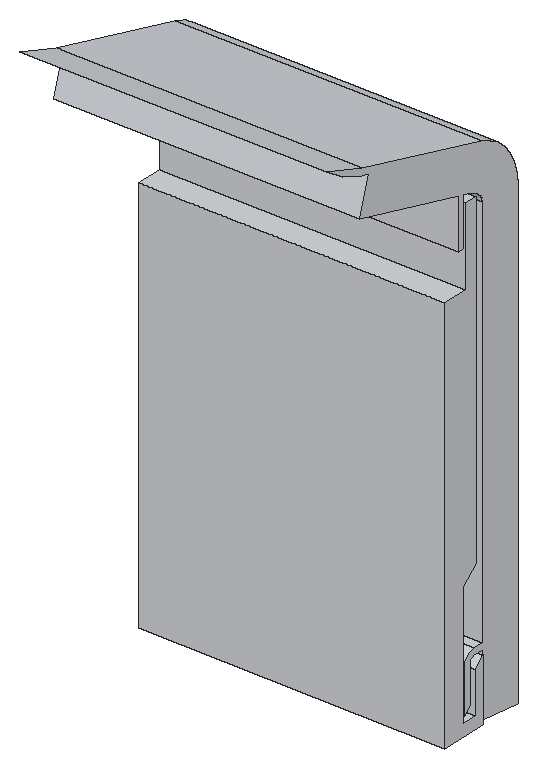
Revit family "HansWeitzel_2078", category Allgemeines Modell, Revit 2017
Family settings
  Basisbauteil = Wand
  Kann Basisbauteil für Bewehrung sein = Nein
  Bemaßung runder Anschluss = Durchmesser verwenden
  Teiletyp = Normal
  Immer vertikal = Ja
  Beim Laden mit Abzugskörper schneiden = Nein
  Gemeinsam genutzt = Nein
  Raumberechnungspunkt = Nein
Parameters (values of type "Type 1")
  max. Betriebstemperatur (°C) = 90
  Werkstoff = "Acryl"
  Wandmontage möglich = yes
  Typname = "HZ-Stoßverbinder SLF Eiche dunkel"
  Tiefe (mm) = 30
  Profilart = "Anschlussprofi"
  Menge pro Verpackungseinheit = 10
  Length3 = 50 mm
  Length2 = 50 mm
  Length1 = 50 mm
  Ist Zubehör = no
  Ist System = no
  Höhe [mm] = 97
  Hersteller = "Hans Weitzel GmbH & Co. KG"
  HeinzeBIM = "https://www.heinze.de/bim/hz-stossverbinder-slf-eiche-dunkel/3a9168788a2a900fa786c5130d81ffc829ee2c26"
  HAN = "2078"
  Gewicht unverpackt (netto) [kg] = 0.008
  GTIN = "4022023220414"
  Farbton = "Holzart/Holzdekor"
  Dekor = "Eiche dunkel"
  Breite [mm] = 45
  Beschreibung = "HZ-Stoßverbinder SLF Eiche dunkel für HZ-Sockelleiste SLF nur mit SCH2158"
  BIMSITE_PRODUCT_ID = "3a9168788a2a900fa786c5130d81ffc829ee2c26"
  BIM = "https://media.live.bim.site/t/eyJhbGciOiJIUzI1NiIsInR5cCI6IkpXVCJ9.eyJjdCI6MSwidGYiOiJwdWJsaWMvaGFucy13ZWl0emVsLWdtYmgtY28ta2cvMjI1MGEyZS9IWl9TTEZfU3Rvc3N2ZXJiaW5kZXIucmZhIiwiY2lkIjoiZmVkOThlOWEtMWJkOC00YzY4LWE3M2ItNzRhOTRlMzE1ODIzIiwicmlkIjoiOTJmYTA1YWNlNzVkMjNhYzY1MzAwY2Y1OWIzNzMwYjciLCJwaWQiOiIzYTkxNjg3ODhhMmE5MDBmYTc4NmM1MTMwZDgxZmZjODI5ZWUyYzI2Iiwic2lkIjoiNjM1NTgiLCJ1dCI6NSwibGMiOiJkZSIsImlhdCI6MTU4MDEyMzEwMSwiaXNzIjoiaHR0cHM6Ly9hcGkubGl2ZS5iaW0uc2l0ZSIsInN1YiI6ImY1ODZjNGI2LWE1MDgtNDI3YS05ODE4LTEzMTc5NjY1NzZiYyJ9.0hxQmDv_MX3zRXu-UiNBT9yPjcphwc5s7rTXWsPoiTA/HZ_SLF_Stossverbinder.rfa"
Reference planes
  plane 1 "Wall": y = 0
  plane 2 "Center (Left/Right)": x = 125
  plane 3 "Back": y = 75
Text (mm)
  text "Placement side" at (0, 1409.804, 2854.306), in view "Left"
  text "Placement side" at (0, 499.811, 2980.732), in view "Right"
Dimensions and locks
  locked: plane 3 "Back" to host wall
  aligned and locked: plane 1 "Wall" to host wall
  aligned and locked: nested 1 to plane 3 "Back"
  aligned and locked: nested 2 to plane 3 "Back"
  aligned and locked: nested 2 to plane 2 "Center (Left/Right)"
  aligned and locked: nested 1 to plane 2 "Center (Left/Right)"
Nested families
  nested 1: "HZ_SLF_Part2" at (125, 75, 0) x (-1, 0, 0) z (0, 0, 1), type "HZ_SLF_Part2"
    with Length2 50 mm
  nested 2: "HZ_SLF_Profil" at (125, 75, 0) x (-1, 0, 0) z (0, 0, 1), type "HZ_SLF_Profil"
Definition of nested family "HZ_SLF_Part2"
  Parameters
    Length2 = 400 mm
  Reference planes
    plane 1 "Center (Front/Back)": y = 0
    plane 2: z = 0
    plane 3 "Center (Left/Right)": x = 0
    plane 4: z = 78
  Forms (mm)
    Extrusion 1, solid, detail levels fine
      sketch origin (0, 0, 0) x (0, 1, 0) y (0, 0, 1)
        loop
          line (-28, 65.25) -> (-28, 78) -> (-30, 78) -> (-30, 24.25) -> (-27.5, 22) -> (-27.5, 2) -> (-30, 2) -> (-30, 8.75) -> (-31.5, 10.25) -> (-31.5, 0) -> (-23.75, 0) -> (-23.75, 65.25) -> (-28, 65.25)
      from -200 to 200
    Extrusion 2, solid, detail levels medium
      sketch origin (0, 0, 0) x (0, 1, 0) y (0, 0, 1)
        loop
          line (-28, 65.25) -> (-28, 78) -> (-30, 78) -> (-30, 22) -> (-27.5, 22) -> (-27.5, 2) -> (-30, 2) -> (-30, 8.75) -> (-31.5, 8.75) -> (-31.5, 0) -> (-23.75, 0) -> (-23.75, 65.25) -> (-28, 65.25)
      from -200 to 200
    Extrusion 3, solid, detail levels coarse
      sketch origin (0, 0, 0) x (0, 1, 0) y (0, 0, 1)
        loop
          line (-31.5, 78) -> (-31.5, 0) -> (-23.75, 0) -> (-23.75, 78) -> (-31.5, 78)
      from -200 to 200
  Dimensions and locks
    equal spacing: Extrusion 1, plane 3 "Center (Left/Right)", Extrusion 1
    "Length2": Extrusion 1 to Extrusion 1
    aligned and locked: level to plane 2
    aligned and locked: Extrusion 3 to Extrusion 1  (x2)
    aligned and locked: Extrusion 2 to Extrusion 3  (x2)
  Automatic sketch dimensions
    Extrusion 1 sketch curve to level = 0 mm
    level to Extrusion 1 sketch curve = 10.25 mm
    plane 1 "Center (Front/Back)" to Extrusion 1 sketch curve = 31.5 mm
    Extrusion 1 sketch curve to Extrusion 1 sketch curve = 1.5 mm  (x2)
    level to Extrusion 1 sketch curve = 8.75 mm
    Extrusion 1 sketch curve to Extrusion 1 sketch curve = 2 mm
    Extrusion 1 sketch curve to Extrusion 1 sketch curve = 2.5 mm
    Extrusion 1 sketch curve to Extrusion 1 sketch curve = 4.25 mm
    level to Extrusion 1 sketch curve = 2 mm
    Extrusion 1 sketch curve to Extrusion 1 sketch curve = 11.75 mm
    Extrusion 1 sketch curve to Extrusion 1 sketch curve = 2.25 mm
    Extrusion 1 sketch curve to Extrusion 1 sketch curve = 41 mm
    Extrusion 1 sketch curve to Extrusion 1 sketch curve = 12.75 mm
    Extrusion 2 sketch curve to level = 0 mm
    plane 1 "Center (Front/Back)" to Extrusion 2 sketch curve = 31.5 mm
    Extrusion 2 sketch curve to Extrusion 2 sketch curve = 1.5 mm
    Extrusion 2 sketch curve to Extrusion 2 sketch curve = 2 mm
    Extrusion 2 sketch curve to Extrusion 2 sketch curve = 4.25 mm
    level to Extrusion 2 sketch curve = 2 mm
    Extrusion 2 sketch curve to Extrusion 2 sketch curve = 12.75 mm
    Extrusion 2 sketch curve to Extrusion 2 sketch curve = 2.5 mm
    Extrusion 2 sketch curve to Extrusion 2 sketch curve = 43.25 mm
    Extrusion 2 sketch curve to Extrusion 2 sketch curve = 0 mm
    Extrusion 2 sketch curve to Extrusion 2 sketch curve = 6.75 mm
    Extrusion 2 sketch curve to Extrusion 2 sketch curve = 13.25 mm
    Extrusion 3 sketch curve to level = 0 mm
    Extrusion 3 sketch curve to Extrusion 3 sketch curve = 7.75 mm
    plane 1 "Center (Front/Back)" to Extrusion 3 sketch curve = 31.5 mm
    level to Extrusion 3 sketch curve = 78 mm
Definition of nested family "HZ_SLF_Profil"
  Parameters
    Length3 = 50 mm
  Reference planes
    plane 1 "Center (Front/Back)": y = 0
    plane 2: z = 0
    plane 3 "Center (Left/Right)": x = 0
    plane 4: z = 95
  Forms (mm)
    Extrusion 1, solid, detail levels fine
      sketch origin (0, 0, 0) x (0, 1, 0) y (0, 0, 1)
        loop
          line (-38.561, 76.002) -> (-38.561, 0) -> (-31.5, 0.791) -> (-31.5, 11) -> (-29.75, 11)
          arc (-29.75, 11) -> (-29.043, 10.707) -> (-28.75, 10) r 1
          line (-28.75, 10) -> (-28.75, 4) -> (-27.75, 3) -> (-27.75, 10)
          arc (-27.75, 10) -> (-28.336, 11.414) -> (-29.75, 12) r 2
          line (-29.75, 12) -> (-31.5, 12) -> (-31.5, 76.545)
          arc (-31.5, 76.545) -> (-30.751, 77.994) -> (-29.355, 78.837) r 3
          line (-29.355, 78.837) -> (-27.5, 79.347) -> (-27.5, 71.5) -> (-26.5, 71.5) -> (-26.5, 79.621) -> (-6.471, 85.123) -> (-8.262, 90.853) -> (-6.8, 91.255)
          arc (-6.8, 91.255) -> (-2.978, 92.748) -> (0.452, 95) r 19.703
          arc (0.452, 95) -> (-3.246, 93.447) -> (-7.065, 92.219) r 46.507
          line (-7.065, 92.219) -> (-31.209, 85.587)
          arc (-31.209, 85.587) -> (-36.496, 82.03) -> (-38.561, 76.002) r 10
      from -25 to 25
    Extrusion 2, solid, detail levels medium
      sketch origin (0, 0, 0) x (0, 1, 0) y (0, 0, 1)
        loop
          line (-7.065, 92.219) -> (-31.209, 85.587)
          arc (-31.209, 85.587) -> (-36.496, 82.03) -> (-38.561, 76.002) r 10
          line (-38.561, 76.002) -> (-38.561, 0) -> (-31.5, 0.791) -> (-31.5, 11) -> (-28.75, 11) -> (-28.75, 3) -> (-27.75, 3) -> (-27.75, 12) -> (-31.5, 12) -> (-31.5, 76.545)
          arc (-31.5, 76.545) -> (-30.751, 77.994) -> (-29.355, 78.837) r 3
          line (-29.355, 78.837) -> (-27.5, 79.347) -> (-27.5, 71.5) -> (-26.5, 71.5) -> (-26.5, 79.621) -> (-6.471, 85.123) -> (0.452, 95)
          arc (0.452, 95) -> (-3.246, 93.447) -> (-7.065, 92.219) r 46.507
      from -25 to 25
    Extrusion 3, solid, detail levels coarse
      sketch origin (0, 0, 0) x (0, 1, 0) y (0, 0, 1)
        loop
          line (-38.561, 0) -> (0.452, 0) -> (0.452, 95) -> (-38.561, 95) -> (-38.561, 0)
      from -25 to 25
  Dimensions and locks
    equal spacing: Extrusion 3, plane 3 "Center (Left/Right)", Extrusion 3
    "Length3": Extrusion 3 to Extrusion 3
    aligned and locked: level to plane 2
    aligned and locked: Extrusion 1 to Extrusion 3
    aligned and locked: Extrusion 2 to Extrusion 3
    aligned and locked: Extrusion 3 to Extrusion 1
    aligned and locked: Extrusion 3 to Extrusion 2
  Automatic sketch dimensions
    plane 1 "Center (Front/Back)" to Extrusion 3 sketch curve = 38.561 mm
    Extrusion 3 sketch curve to plane 1 "Center (Front/Back)" = 0.452 mm
    Extrusion 3 sketch curve to level = 0 mm
    level to Extrusion 3 sketch curve = 95 mm
    Extrusion 2 sketch curve to Extrusion 2 sketch curve = 0 mm  (x2)
    Extrusion 2 sketch curve to level = 0 mm
    Extrusion 2 sketch curve to plane 4 = 0 mm
    plane 1 "Center (Front/Back)" to Extrusion 2 sketch curve = 38.561 mm
    level to Extrusion 2 sketch curve = 0.791 mm
    Extrusion 2 sketch curve to Extrusion 2 sketch curve = 7.061 mm  (x2)
    Extrusion 2 sketch curve to plane 4 = 9.413 mm
    Extrusion 2 sketch curve to Extrusion 2 sketch curve = 0.291 mm
    Extrusion 2 sketch curve to plane 4 = 16.163 mm
    Extrusion 2 sketch curve to Extrusion 2 sketch curve = 2.145 mm
    Extrusion 2 sketch curve to Extrusion 2 sketch curve = 2.75 mm
    Extrusion 2 sketch curve to Extrusion 2 sketch curve = 2.939 mm
    Extrusion 2 sketch curve to Extrusion 2 sketch curve = 1 mm  (x3)
    Extrusion 2 sketch curve to Extrusion 2 sketch curve = 1.061 mm
    plane 1 "Center (Front/Back)" to Extrusion 2 sketch curve = 19.383 mm
    plane 1 "Center (Front/Back)" to Extrusion 2 sketch curve = 7.065 mm
    plane 1 "Center (Front/Back)" to Extrusion 2 sketch curve = 6.471 mm
    level to Extrusion 2 sketch curve = 3 mm
    Extrusion 2 sketch curve to Extrusion 2 sketch curve = 8 mm
    Extrusion 2 sketch curve to Extrusion 2 sketch curve = 7.337 mm
    Extrusion 2 sketch curve to Extrusion 2 sketch curve = 2.893 mm
    Extrusion 2 sketch curve to Extrusion 2 sketch curve = 0.51 mm
    Extrusion 2 sketch curve to Extrusion 2 sketch curve = 0.275 mm
    Extrusion 2 sketch curve to plane 4 = 9.877 mm
    Extrusion 2 sketch curve to plane 4 = 2.781 mm
    plane 4 to Extrusion 2 sketch curve = 42.065 mm
    Extrusion 1 sketch curve to Extrusion 1 sketch curve = 0 mm  (x5)
    Extrusion 1 sketch curve to level = 0 mm
    Extrusion 1 sketch curve to plane 4 = 0 mm
    plane 1 "Center (Front/Back)" to Extrusion 1 sketch curve = 38.561 mm
    level to Extrusion 1 sketch curve = 0.791 mm
    Extrusion 1 sketch curve to Extrusion 1 sketch curve = 7.061 mm
    Extrusion 1 sketch curve to plane 4 = 9.413 mm
    Extrusion 1 sketch curve to Extrusion 1 sketch curve = 0.291 mm
    Extrusion 1 sketch curve to Extrusion 1 sketch curve = 1.75 mm
    Extrusion 1 sketch curve to plane 4 = 16.163 mm
    Extrusion 1 sketch curve to Extrusion 1 sketch curve = 2.145 mm
    level to Extrusion 1 sketch curve = 4 mm
    Extrusion 1 sketch curve to Extrusion 1 sketch curve = 2.75 mm
    Extrusion 1 sketch curve to Extrusion 1 sketch curve = 2.939 mm
    Extrusion 1 sketch curve to Extrusion 1 sketch curve = 1 mm  (x3)
    Extrusion 1 sketch curve to Extrusion 1 sketch curve = 1.855 mm
    plane 1 "Center (Front/Back)" to Extrusion 1 sketch curve = 19.383 mm
    plane 1 "Center (Front/Back)" to Extrusion 1 sketch curve = 12.019 mm
    plane 1 "Center (Front/Back)" to Extrusion 1 sketch curve = 8.262 mm
    Extrusion 1 sketch curve to Extrusion 1 sketch curve = 1.197 mm
    Extrusion 1 sketch curve to Extrusion 1 sketch curve = 1.791 mm
    Extrusion 1 sketch curve to Extrusion 1 sketch curve = 6 mm
    Extrusion 1 sketch curve to Extrusion 1 sketch curve = 7.337 mm
    Extrusion 1 sketch curve to Extrusion 1 sketch curve = 2.893 mm
    Extrusion 1 sketch curve to Extrusion 1 sketch curve = 0.51 mm
    Extrusion 1 sketch curve to Extrusion 1 sketch curve = 0.275 mm
    Extrusion 1 sketch curve to plane 4 = 9.877 mm
    Extrusion 1 sketch curve to plane 4 = 4.147 mm
    Extrusion 1 sketch curve to Extrusion 1 sketch curve = 1.366 mm
    plane 4 to Extrusion 1 sketch curve = 15.254 mm
    Extrusion 1 sketch curve to Extrusion 1 sketch curve = 26.811 mm
    Extrusion 1 sketch curve to Extrusion 1 sketch curve = 0.265 mm
